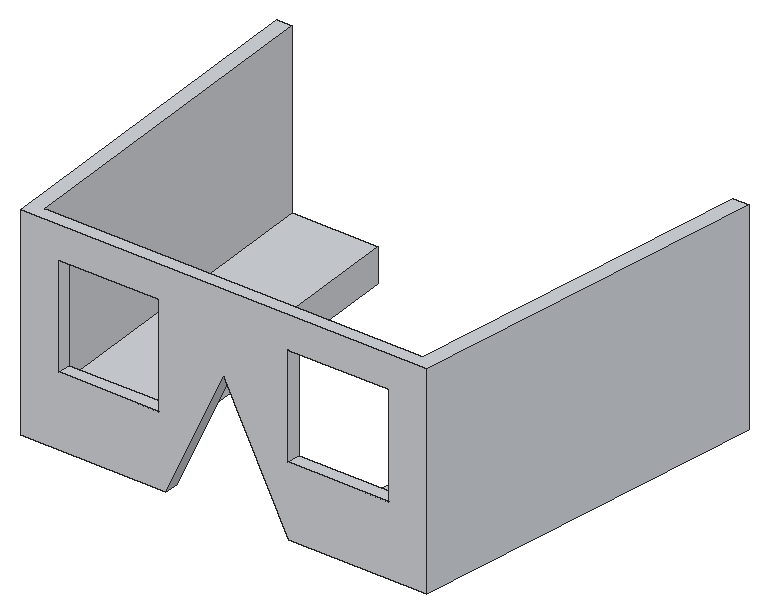
Revit family
Parameters (values of type "DW2024ADP")
  Model = "DWCLAMPBR"
  Manufacturer = "CaptiveAire"
  Description = "DOUBLE WALL CLAMP"
  95.194 = 95.194°  # constant formula
  .375 = 3/8"  # constant formula
Types (14): name | Model | Description
  (no name) | "DWCLAMPBR" | "DOUBLE WALL CLAMP"
  DW0812ADP | "DW0812ADP" | "8\" - 12\" Duct Adaptor"
  DW1012ADP | "DW1012ADP" | "10\"-12\" Duct Adaptor"
  DW1014ADP | "DW1014ADP" | "10\"-14\" Duct Adaptor"
  DW1214ADP | "DW1214ADP" | "12\"-14\" Duct Adaptor"
  DW1216ADP | "DW1216ADP" | "12\"-16\" Duct Adaptor"
  DW1218ADP | "DW1218ADP" | "12\"-18\" Duct Adaptor"
  DW1416ADP | "DW1416ADP" | "14\"-16\" Duct Adaptor"
  DW1418ADP | "DW1418ADP" | "14\"-18\" Duct Adaptor"
  DW1420ADP | "DW1420ADP" | "14\"-20\" Duct Adaptor"
  DW1620ADP | "DW1620ADP" | "16\"-20\" Duct Adaptor"
  DW1624ADP | "DW1624ADP" | "16\"-24\" Duct Adaptor"
  DW1824ADP | "DW1824ADP" | "18\"-24\" Duct Adaptor"
  DW2024ADP | "DWCLAMPBR" | "DOUBLE WALL CLAMP"
Reference planes (in)
  plane 1 "Center (Front/Back)": y = 0
  plane 2: z = 0.42354
  plane 3 "Center (Left/Right)": x = 1.84472
  plane 4: x = 2.62474
  plane 5: x = 2.60222
  plane 6: y = 1.346
  plane 7: x = 1.0647
  plane 8: x = 1.08722
Forms (in)
  Extrusion 1, solid
    sketch origin (0, 0, 0.42354) x (1, 0, 0) y (0, 1, 0)
      loop
        line (2.60222, 0) -> (2.72457, 1.346) -> (0.96487, 1.346) -> (1.08722, 0) -> (2.60222, 0)
    from 0 to 0.75
  Extrusion 2, void
    sketch origin (0, 0, 1.17354) x (0, 1, 0) y (1, 0, 0)
      loop
        line (0.05, 1.45922) -> (1.346, 1.34141) -> (1.346, 2.34803) -> (0.05, 2.23022) -> (0.05, 1.45922)
    from 0 to 0.75
  Extrusion 3, void
    sketch origin (0, 0, 1.17354) x (0, 1, 0) y (1, 0, 0)
      loop
        line (0.05, 1.45922) -> (0.05, 1.1403) -> (1.346, 1.02249) -> (1.346, 1.34141) -> (0.05, 1.45922)
      loop
        line (0.05, 2.23022) -> (1.346, 2.34803) -> (1.346, 2.66695) -> (0.05, 2.54914) -> (0.05, 2.23022)
    from 0 to 0.625
  Extrusion 4, void
    sketch origin (2.60222, 0, 0.42354) x (1, 0, 0) y (0, 0, -1)
      loop
        line (-1.3725, -0.63322) -> (-0.9975, -0.63322) -> (-0.9975, -0.25822) -> (-1.3725, -0.25822) -> (-1.3725, -0.63322)
      loop
        line (-0.97218, 0) -> (-0.7575, -0.46039) -> (-0.51271, 0) -> (-0.97218, 0)
      loop
        line (-0.1425, -0.63322) -> (-0.1425, -0.25822) -> (-0.5175, -0.25822) -> (-0.5175, -0.63322) -> (-0.1425, -0.63322)
    from 0 to 0.625
Cuts and joins
  Extrusion 2, Extrusion 3, Extrusion 4 cuts Extrusion 1
Dimensions and locks (in)
  equal spacing: plane 7, plane 3 "Center (Left/Right)", plane 4
  equal spacing: plane 8, plane 3 "Center (Left/Right)", plane 5
  plane 8 to plane 5 to plane 4 = 1.515" locked, 0.02252" locked
  ".375": Extrusion 1 to Extrusion 2 sketch curve  (x2)
  locked: plane 1 "Center (Front/Back)" to Extrusion 2 sketch curve at 0.05
  "95.194": angle Extrusion 1 sketch curve to Extrusion 1 sketch curve
  "95.194": angle plane 1 "Center (Front/Back)" to Extrusion 1 sketch curve
  aligned and locked: level to plane 2
  aligned and locked: Extrusion 1 to Extrusion 2 sketch curve
Automatic sketch dimensions
  plane 6 to Extrusion 1 sketch curve = 0"
  plane 1 "Center (Front/Back)" to Extrusion 1 sketch curve = 0"
  Extrusion 1 sketch curve to plane 8 = 0"
  Extrusion 1 sketch curve to plane 5 = 0"
  Extrusion 3 sketch curve to Extrusion 1 = 0"  (x2)
  Extrusion 3 sketch curve to Extrusion 1 = 0.05"  (x2)
  Extrusion 3 sketch curve to Extrusion 1 = 0.05739"
  Extrusion 3 sketch curve to Extrusion 3 sketch curve = 0.11781"
  Extrusion 3 sketch curve to Extrusion 3 sketch curve = 0.31892"  (x4)
  Extrusion 3 sketch curve to Extrusion 3 sketch curve = 0.771"
  Extrusion 3 sketch curve to Extrusion 3 sketch curve = 1.00661"
  Extrusion 4 sketch curve to Extrusion 1 = 0"
  Extrusion 1 to Extrusion 4 sketch curve = 0.1425"  (x2)
  Extrusion 4 sketch curve to Extrusion 4 sketch curve = 3/8"
  Extrusion 4 sketch curve to Extrusion 4 sketch curve = 0.02532"
  Extrusion 4 sketch curve to Extrusion 1 = 0.28961"
  Extrusion 4 sketch curve to Extrusion 4 sketch curve = 0.24"  (x2)
  Extrusion 4 sketch curve to Extrusion 1 = 0.11678"  (x2)
  Extrusion 4 sketch curve to Extrusion 4 sketch curve = 0.00479"
  Extrusion 4 sketch curve to Extrusion 1 = 0.25822"  (x2)
